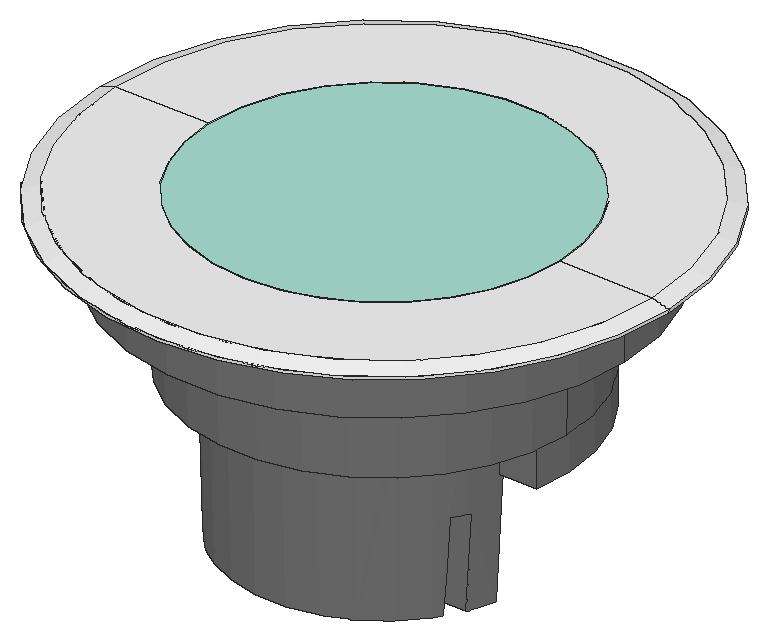
Revit family "Corso 4.0", category Lighting Fixtures, host Face, Revit 2020
Family settings
  Host = Face
  Round Connector Dimension = Use Diameter
  Part Type = Normal
  Cut with Voids When Loaded = Yes
  Light Source = Yes
  Shared = No
  Room Calculation Point = Yes
Parameters (values of type "Corso 4.0 asymmetrical (3000K 21W 230Vac)")
  Wiring = "-"
  Width mm = 200 mm
  Weight kg = "1.75 kg"
  Wattage = 14.8106 W
  built-in parameter 1150110 = 1 (stored number, unit not read)
  Voltage = 230 V
  URL Accessories and power supply units = "https://www.lucelight.it/en/prodotto.php/129490#a-scheda-accessori"
  URL = "https://www.lucelight.it/en/prodotto.php/129490"
  built-in parameter 1114217 = 1 (stored number, unit not read)
  Tiltable = "-"
  URL Technical sheet = "-"
  URL Image = "https://www.lucelight.it/en/prodotto-foto.php/129490"
  URL IES Photometric file = "https://www.lucelight.it/media/prodotti/fotometrie/corso_4.0_ies.zip"
  URL General code = "https://www.lucelight.it/en/prodotto.php/129490#a-generacodice"
  URL Description = "https://www.lucelight.it/en/capitolato.php/129490"
  URL DXF = "https://www.lucelight.it/media/prodotti/dxf/corso_4.0.zip"
  URL Catalogue = "https://www.lucelight.it/media/prodotti/mf_brochure/corso_brochure_en.pdf"
  Trim = L&L_Steel inox AISI 316L
  Tilt Angle = 90.00°
  built-in parameter 1150109 = 1 (stored number, unit not read)
  built-in parameter 1150134 = (empty or 0)
  built-in parameter 1150113 = 1 (stored number, unit not read)
  Radius Void = 65 mm
  Power supply unit = "built-in"
  Power supply = "230Vac"
  Power cables = "-"
  Power Supply = L&L_Technopolymer
  Power = "21W"
  Photometric Web File = "CORSO 4.0 A [3000K 21W 230Vac].IES"
  Optics = "asymmetrical"
  Notes = "-"
  No. and type of led = "1 high power density COB LED, 3-step MacAdam, 50 000h L90 B10 (Ta 25°C)"
  Mounting = "recessed (floor)"
  Model = "Corso 4.0"
  Material = "body in thermally conductive plastic, trim in AISI 316L stainless steel, screen in tempered, serigraphed-grey and transparent extra-clear glass"
  Manufacturer = "L&L Luce&Light"
  built-in parameter 1150105 = 175.07 (stored number, unit not read)
  Lumens = 2200 lm
  built-in parameter 1150115 = 1 (stored number, unit not read)
  Lumen output at source = "2200 lm (3000K)"
  built-in parameter 1150137 = (empty or 0)
  built-in parameter 1150139 = (empty or 0)
  Lens = L&L_Tempered extra-clear glass
  Length mm = 200 mm
  built-in parameter 1150112 = 1 (stored number, unit not read)
  built-in parameter 1150114 = 1 (stored number, unit not read)
  LED Colour = "2700K, 3000K, 4000K"
  built-in parameter 1150132 = 2
  built-in parameter 1150102 = (empty or 0)
  built-in parameter 1150107 = 3000 (stored number, unit not read)
  built-in parameter 1150138 = (empty or 0)
  built-in parameter 1150106 = 1.7507 (stored number, unit not read)
  IP = "IP65, IP67"
  Height mm = 107 mm
  Height Void = 120 mm
  Features = "Speedy installation: electrical wiring simplified by the ability to connect the electrical cables directly to the fixture"
  Energy efficiency class = "A A+ A++"
  Emit from Line Length = 609.6 mm
  built-in parameter 1150104 = 13.8 (stored number, unit not read)
  Dimming Lamp Color Temperature Shift = <None>
  Description = "recessed for outdoor applications"
  Delivered lumen output = "1740 lm (3000K, 13°)"
  Default Elevation = 1219.2 mm
  Cutout dimensions = ""
  Control system = "ON/OFF"
  Contact = "T: +39 0444 360571; E: lucelight@lucelight.it"
  Company = "L&L Luce&Light"
  Color Filter = 16777215
  Code = "-"
  CRI = "80"
  Body = L&L_Technopolymer
  built-in parameter 1114218 = 1 (stored number, unit not read)
  built-in parameter 1150133 = 10 (stored number, unit not read)
  Apparent Load Phase 1 = 15 W
  Apparent Load = 0 VA
Types (6, lengths in mm): name | Photometric Web File | Optics
  Corso 4.0 S 13° (3000K 21W 230Vac) | "CORSO 4.0 S 13° [3000K 21W 230Vac].IES" | "13°"
  Corso 4.0 M 38° (3000K 21W 230Vac) | "CORSO 4.0 M 38° [3000K 21W 230Vac].IES" | "38°"
  Corso 4.0 L 71° (3000K 21W 230Vac) | "CORSO 4.0 L 71° [3000K 21W 230Vac].IES" | "71°"
  Corso 4.0 W 14°x69° (3000K 21W 230Vac) | "CORSO 4.0 W 14°x69° [3000K 21W 230Vac].IES" | "14°x69°"
  Corso 4.0 asymmetrical (3000K 21W 230Vac) | "CORSO 4.0 A [3000K 21W 230Vac].IES" | "asymmetrical"
  Corso 4.0 diffuse (3000K 21W 230Vac) | "CORSO 4.0 D [3000K 21W 230Vac].IES" | "diffuse"
Reference planes
  plane 1 "Center (Front/Back)": y = 0
  plane 2: z = 0
  plane 3 "Center (Left/Right)": x = 0
  plane 4: z = -120
Forms (mm)
  Extrusion 1, void
    sketch origin (0, 0, 0) x (1, 0, 0) y (0, 1, 0)
      loop
        circle (0, 0) r 65
    from -120 to 0
Dimensions and locks
  "Height Void": plane 4 to plane 2
  "Radius Void": radius of Extrusion 1 sketch curve
  aligned and locked: plane 2 to host face
  aligned and locked: level to host face
  aligned and locked: Extrusion 1 to plane 4
  aligned and locked: plane 2 to Extrusion 1
Automatic sketch dimensions
  host sketch curve to host sketch curve = 2438.4 mm  (x2)
  plane 1 "Center (Front/Back)" to Extrusion 1 sketch curve = 0 mm
  Extrusion 1 sketch curve to plane 3 "Center (Left/Right)" = 0 mm
Nested families
  nested 1: "Corso 4.0_mod" at (0, 0, 0), type "Corso 4.0_mod"
Connectors
  electrical at (0, 0, 0), driven by "Apparent Load Phase 1", driven by "Voltage"
    settings: index 1, voltage 230 V, apparent load 0 VA, apparent load phase1 15 VA, apparent load phase2 0 VA, apparent load phase3 0 VA, power factor 1, load classification "Lighting", number of poles 1, system type 31, power factor state 1, is connector primary yes, connector utility no, sub classification motor no, connector description ""
Definition of nested family "Corso 4.0_mod"
  Parameters (values of type "Corso 4.0_mod")
    Trim = none
    Power supply = none
    Lens = none
    Default Elevation = 1219.2 mm
    Body = none
  Reference planes
    plane 1 "Light Source Axis (F/B)": y = 0
    plane 2: z = 0
    plane 3 "Light Source Axis (L/R)": x = 0
    plane 4 "Light Source Elevation": z = 3
    plane 5: z = -105.773
    plane 6: z = -21.8
    plane 7: x = -100.638
    plane 8: x = 99.987
    plane 9: x = -65.326
    plane 10: x = 65.326
    plane 11: y = -50.396
    plane 12: y = -8.521
  Forms (mm)
    Extrusion 1, solid, material <- "Body", detail levels coarse
      sketch origin (0, 0, 0) x (1, 0, 0) y (0, 1, 0)
        loop
          circle (0, 0) r 100
      from -105.773 to 3
    Extrusion 2, solid, material <- "Trim", detail levels medium
      sketch origin (0, 0, 0) x (1, 0, 0) y (0, 1, 0)
        loop
          circle (0, 0) r 100
        loop
          circle (0, 0) r 61.7
      from -21.8 to 3
    Extrusion 3, solid, material <- "Body", detail levels medium
      sketch origin (0, 0, 0) x (1, 0, 0) y (0, 1, 0)
        loop
          circle (0, 0) r 49.5
      from -105.773 to -21.8
    Extrusion 4, solid, material <- "Lens", detail levels medium+fine
      sketch origin (0, 0, 0) x (1, 0, 0) y (0, 1, 0)
        loop
          circle (0, 0) r 61.7
      from 0 to 3
    Revolve 5, solid, material <- "Trim", detail levels fine
      sketch origin (0, 0, 0) x (1, 0, 0) y (0, 0, 1)
        loop
          line (100, 0) -> (100, 1) -> (94.505, 3) -> (61.7, 3) -> (61.7, 0) -> (100, 0)
        axis (0, 3) -> (0, 0)
      angle from 0 to 360
    Revolve 6, solid, material <- "Body", detail levels fine
      sketch origin (0, 0, 0) x (1, 0, 0) y (0, 0, 1)
        loop
          line (84.5, -20.8) -> (85, 0) -> (0, 0) -> (0, -20.8) -> (84.5, -20.8)
        axis (0, -20.8) -> (0, 0)
      angle from 0 to 360
    Revolve 7, solid, material <- "Body", detail levels fine
      sketch origin (0, 0, 0) x (1, 0, 0) y (0, 0, 1)
        loop
          line (64.233, -50.919) -> (65.283, -20.859) -> (0, -20.859) -> (0, -103.781) -> (49.984, -103.781) -> (51.37, -50.919) -> (64.233, -50.919)
        axis (0, -103.781) -> (0, -20.859)
      angle from 0 to 360
    Extrusion 8, void
      sketch origin (139.173, -142.689, 0) x (0, -1, 0) y (0, 0, 1)
        loop
          line (-132.26, -63) -> (-204.135, -63) -> (-204.135, -117.329) -> (-130.363, -117.329) -> (-132.26, -63)
      from 0 to 250
    Revolve 9, solid, material <- "Power supply", detail levels fine
      sketch origin (-789.416, 31.697, -10.313) x (1, 0, 0) y (0, 0, 1)
        loop
          line (800.916, -57.687) -> (803.666, -57.687) -> (803.666, -52.687) -> (789.416, -52.687) -> (789.416, -92.2) -> (796.791, -92.2)
          arc (796.791, -92.2) -> (798.58, -91.163) -> (799.23, -89.2) r 2.913
          line (799.23, -89.2) -> (799.23, -88.337) -> (800.066, -88.337) -> (800.066, -77.087) -> (798.438, -77.087) -> (798.51, -72.887) -> (800.066, -72.887) -> (800.066, -61.637) -> (800.916, -61.637) -> (800.916, -57.687)
        axis (789.416, -92.2) -> (789.416, -52.687)
      angle from 0 to 360
    Extrusion 10, void
      sketch origin (0, -6.828, 0) x (0, 1, 0) y (0, 0, 1)
        loop
          line (-13.112, -73) -> (-18.959, -73) -> (-20.356, -113) -> (-14.509, -113) -> (-13.112, -73)
      from 36.431 to 57.084
    Extrusion 11, solid, material <- "Body", detail levels fine
      sketch origin (0.351, 0, 2) x (1, 0, 0) y (0, 1, 0)
        loop
          arc (62.776, -11.867) -> (-0.351, 64.233) -> (-63.478, -11.867) r 64.233
          line (-63.478, -11.867) -> (62.776, -11.867)
      from -65 to -52.919
    Extrusion 12, void
      sketch origin (0, 0, 0) x (0, 1, 0) y (0, 0, 1)
        loop
          line (-51.056, -49.074) -> (-88.554, -49.074) -> (-88.554, -103.781) -> (-49.146, -103.781) -> (-51.056, -49.074)
      from -117.626 to 103.311
  Cuts and joins
    Extrusion 8, Extrusion 10 cuts Revolve 7
  Dimensions and locks
    plane 5 to plane 4 "Light Source Elevation" = 108.773 mm
    plane 6 to plane 4 "Light Source Elevation" = 24.8 mm
    plane 4 "Light Source Elevation" to plane 6 = 24.8 mm
    Extrusion 2 to cut or joined group of Revolve 7, Extrusion 8, Extrusion 10 = 29.119 mm
    cut or joined group of Revolve 7, Extrusion 8, Extrusion 10 to cut or joined group of Revolve 7, Extrusion 8, Extrusion 10 = 12.081 mm
    plane 7 to plane 8 = 200.625 mm
    plane 9 to plane 10 = 130.652 mm
    Extrusion 2 to cut or joined group of Revolve 7, Extrusion 8, Extrusion 10 = 41.2 mm
    plane 12 to plane 11 = 41.875 mm
    aligned and locked: level to plane 2
    aligned and locked: Extrusion 1 to plane 5
    aligned and locked: Extrusion 1 to plane 4 "Light Source Elevation"
    aligned and locked: Extrusion 2 to plane 6
    aligned and locked: Extrusion 2 to plane 4 "Light Source Elevation"
    aligned and locked: Extrusion 3 to plane 5
    aligned and locked: plane 6 to Extrusion 3
    aligned and locked: Extrusion 4 to level
    aligned and locked: Extrusion 4 to plane 4 "Light Source Elevation"
